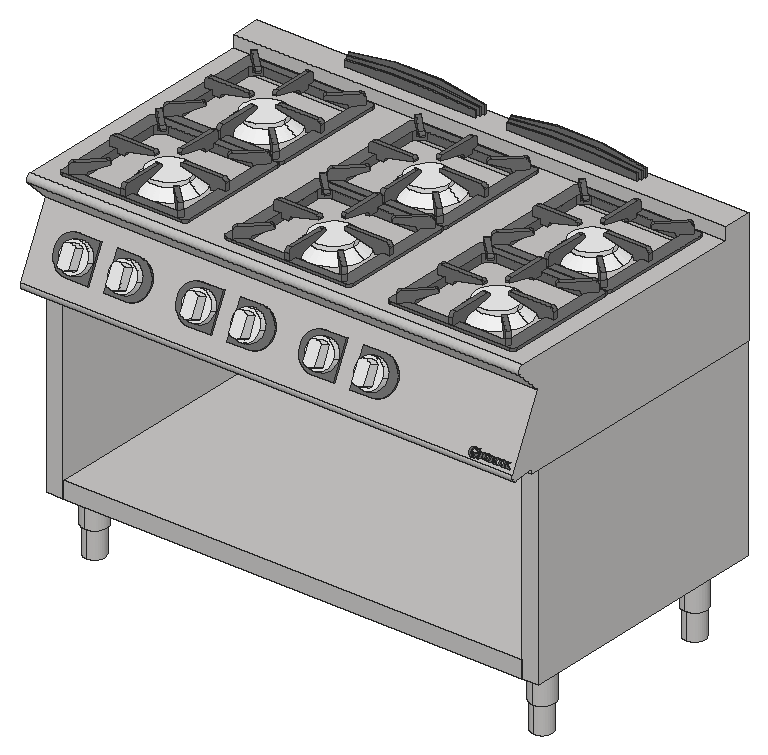
Revit family "QF_GIORIK_ECG760G", category Specialty Equipment, Revit 2014 (continued)
Lines and regions (mm)
  symbolic lines, style "200-EquipInternal-2D"
    curve 141: line (956, -35, 900) -> (956, -32, 900)
    curve 143: arc (475, -410, 900) -> (475.705, -404.735, 900) -> (477.771, -399.842, 900) r 20
    curve 144: line (605, -390, 900) -> (705, -390, 900)
    curve 145: line (475, -510, 900) -> (475, -410, 900)
    curve 146: arc (705, -390, 900) -> (710.264, -390.705, 900) -> (715.158, -392.771, 900) r 20
    curve 147: line (725, -520, 900) -> (725, -620, 900)
    curve 148: arc (725, -620, 900) -> (724.295, -625.264, 900) -> (722.229, -630.157, 900) r 20
    curve 149: line (595, -640, 900) -> (495, -640, 900)
    curve 150: arc (477.771, -630.157, 900) -> (475.705, -625.264, 900) -> (475, -620, 900) r 20
    curve 151: line (745, -370, 900) -> (455, -370, 900)
    curve 152: arc (755, -380, 900) -> (752.071, -372.929, 900) -> (745, -370, 900) r 10
    curve 153: line (755, -650, 900) -> (755, -380, 900)
    curve 154: arc (745, -370, 900) -> (752.071, -367.071, 900) -> (755, -360, 900) r 10
    curve 155: line (755, -360, 900) -> (755, -90, 900)
    curve 156: arc (745, -660, 900) -> (752.071, -657.071, 900) -> (755, -650, 900) r 10
    curve 157: line (455, -660, 900) -> (745, -660, 900)
    curve 158: arc (445, -650, 900) -> (447.929, -657.071, 900) -> (455, -660, 900) r 10
    curve 159: line (445, -380, 900) -> (445, -650, 900)
    curve 160: arc (445, -360, 900) -> (447.929, -367.071, 900) -> (455, -370, 900) r 10
    curve 161: arc (455, -370, 900) -> (447.929, -372.929, 900) -> (445, -380, 900) r 10
    curve 162: line (445, -90, 900) -> (445, -360, 900)
    curve 163: line (745, -80, 900) -> (455, -80, 900)
    curve 164: arc (455, -80, 900) -> (447.929, -82.929, 900) -> (445, -90, 900) r 10
    curve 165: arc (755, -90, 900) -> (752.071, -82.929, 900) -> (745, -80, 900) r 10
    curve 166: line (595, -374, 900) -> (605, -374, 900)
    curve 167: line (605, -374, 900) -> (605, -484, 900)
    curve 168: line (605, -484, 900) -> (595, -484, 900)
    curve 169: line (595, -484, 900) -> (595, -374, 900)
    curve 170: line (676.43, -431.499, 900) -> (732.999, -374.93, 900)
    curve 171: line (732.999, -374.93, 900) -> (740.07, -382.001, 900)
    curve 172: line (740.07, -382.001, 900) -> (683.501, -438.57, 900)
    curve 173: line (683.501, -438.57, 900) -> (676.43, -431.499, 900)
    curve 174: line (725, -410, 900) -> (725, -510, 900)
    curve 175: line (725, -510, 900) -> (741, -510, 900)
    curve 176: line (741, -510, 900) -> (741, -520, 900)
    curve 177: line (741, -520, 900) -> (631, -520, 900)
    curve 178: line (631, -520, 900) -> (631, -510, 900)
    curve 179: line (631, -510, 900) -> (725, -510, 900)
    curve 180: line (467.001, -374.93, 900) -> (459.93, -382.001, 900)
    curve 181: line (523.57, -431.499, 900) -> (467.001, -374.93, 900)
    curve 182: line (459.93, -382.001, 900) -> (516.499, -438.57, 900)
    curve 183: line (516.499, -438.57, 900) -> (523.57, -431.499, 900)
    curve 184: line (569, -510, 900) -> (459, -510, 900)
    curve 185: line (459, -520, 900) -> (569, -520, 900)
    curve 186: line (569, -520, 900) -> (569, -510, 900)
    curve 187: line (459, -510, 900) -> (459, -520, 900)
    curve 188: line (605, -546, 900) -> (595, -546, 900)
    curve 189: line (595, -546, 900) -> (595, -656, 900)
    curve 190: line (605, -656, 900) -> (605, -546, 900)
    curve 191: line (595, -656, 900) -> (605, -656, 900)
    curve 192: line (676.43, -598.501, 900) -> (732.999, -655.07, 900)
    curve 193: line (740.07, -647.999, 900) -> (683.501, -591.43, 900)
    curve 194: line (683.501, -591.43, 900) -> (676.43, -598.501, 900)
    curve 195: line (732.999, -655.07, 900) -> (740.07, -647.999, 900)
    curve 196: line (516.499, -591.43, 900) -> (459.93, -647.999, 900)
    curve 197: line (523.57, -598.501, 900) -> (516.499, -591.43, 900)
    curve 198: line (467.001, -655.07, 900) -> (523.57, -598.501, 900)
    curve 199: line (459.93, -647.999, 900) -> (467.001, -655.07, 900)
    curve 200: line (495, -390, 900) -> (595, -390, 900)
    curve 201: line (475, -520, 900) -> (475, -620, 900)
    curve 202: line (705, -640, 900) -> (605, -640, 900)
    curve 203: arc (705, -640, 900) -> (710.264, -639.295, 900) -> (715.158, -637.229, 900) r 20
    curve 204: arc (495, -640, 900) -> (489.736, -639.295, 900) -> (484.842, -637.229, 900) r 20
    curve 205: arc (725, -410, 900) -> (724.295, -404.736, 900) -> (722.229, -399.842, 900) r 20
    curve 206: arc (495, -390, 900) -> (489.736, -390.705, 900) -> (484.843, -392.771, 900) r 20
    curve 207: arc (475, -330, 900) -> (475.705, -335.264, 900) -> (477.771, -340.158, 900) r 20
    curve 208: line (605, -350, 900) -> (705, -350, 900)
    curve 209: line (475, -230, 900) -> (475, -330, 900)
    curve 210: arc (705, -350, 900) -> (710.264, -349.295, 900) -> (715.158, -347.229, 900) r 20
    curve 211: line (725, -220, 900) -> (725, -120, 900)
    curve 212: arc (725, -120, 900) -> (724.295, -114.736, 900) -> (722.229, -109.842, 900) r 20
    curve 213: line (595, -100, 900) -> (495, -100, 900)
    curve 214: arc (477.771, -109.842, 900) -> (475.705, -114.736, 900) -> (475, -120, 900) r 20
    curve 215: line (595, -366, 900) -> (605, -366, 900)
    curve 216: line (605, -366, 900) -> (605, -256, 900)
    curve 217: line (605, -256, 900) -> (595, -256, 900)
    curve 218: line (595, -256, 900) -> (595, -366, 900)
    curve 219: line (676.43, -308.501, 900) -> (732.999, -365.07, 900)
    curve 220: line (732.999, -365.07, 900) -> (740.07, -357.999, 900)
    curve 221: line (740.07, -357.999, 900) -> (683.501, -301.43, 900)
    curve 222: line (683.501, -301.43, 900) -> (676.43, -308.501, 900)
    curve 223: line (725, -330, 900) -> (725, -230, 900)
    curve 224: line (725, -230, 900) -> (741, -230, 900)
    curve 225: line (741, -230, 900) -> (741, -220, 900)
    curve 226: line (741, -220, 900) -> (631, -220, 900)
    curve 227: line (631, -220, 900) -> (631, -230, 900)
    curve 228: line (631, -230, 900) -> (725, -230, 900)
    curve 229: line (467.001, -365.07, 900) -> (459.93, -357.999, 900)
    curve 230: line (523.57, -308.501, 900) -> (467.001, -365.07, 900)
    curve 231: line (459.93, -357.999, 900) -> (516.499, -301.43, 900)
    curve 232: line (516.499, -301.43, 900) -> (523.57, -308.501, 900)
    curve 233: line (569, -230, 900) -> (459, -230, 900)
    curve 234: line (459, -220, 900) -> (569, -220, 900)
    curve 235: line (569, -220, 900) -> (569, -230, 900)
    curve 236: line (459, -230, 900) -> (459, -220, 900)
    curve 237: line (605, -194, 900) -> (595, -194, 900)
    curve 238: line (595, -194, 900) -> (595, -84, 900)
    curve 239: line (605, -84, 900) -> (605, -194, 900)
    curve 240: line (595, -84, 900) -> (605, -84, 900)
    curve 241: line (676.43, -141.499, 900) -> (732.999, -84.93, 900)
    curve 242: line (740.07, -92.001, 900) -> (683.501, -148.57, 900)
    curve 243: line (683.501, -148.57, 900) -> (676.43, -141.499, 900)
    curve 244: line (732.999, -84.93, 900) -> (740.07, -92.001, 900)
    curve 245: line (516.499, -148.57, 900) -> (459.93, -92.001, 900)
    curve 246: line (523.57, -141.499, 900) -> (516.499, -148.57, 900)
    curve 247: line (467.001, -84.93, 900) -> (523.57, -141.499, 900)
    curve 248: line (459.93, -92.001, 900) -> (467.001, -84.93, 900)
    curve 249: line (495, -350, 900) -> (595, -350, 900)
    curve 250: line (475, -220, 900) -> (475, -120, 900)
    curve 251: line (705, -100, 900) -> (605, -100, 900)
    curve 252: arc (705, -100, 900) -> (710.264, -100.705, 900) -> (715.158, -102.771, 900) r 20
    curve 253: arc (495, -100, 900) -> (489.736, -100.705, 900) -> (484.842, -102.771, 900) r 20
    curve 254: arc (725, -330, 900) -> (724.295, -335.264, 900) -> (722.229, -340.157, 900) r 20
    curve 255: arc (495, -350, 900) -> (489.736, -349.295, 900) -> (484.843, -347.229, 900) r 20
    curve 256: arc (875, -410, 900) -> (875.705, -404.735, 900) -> (877.771, -399.842, 900) r 20
    curve 257: line (1005, -390, 900) -> (1105, -390, 900)
    curve 258: line (875, -510, 900) -> (875, -410, 900)
    curve 259: arc (1105, -390, 900) -> (1110.264, -390.705, 900) -> (1115.158, -392.771, 900) r 20
    curve 260: line (1125, -520, 900) -> (1125, -620, 900)
    curve 261: arc (1125, -620, 900) -> (1124.295, -625.264, 900) -> (1122.229, -630.157, 900) r 20
    curve 262: line (995, -640, 900) -> (895, -640, 900)
    curve 263: arc (877.771, -630.157, 900) -> (875.705, -625.264, 900) -> (875, -620, 900) r 20
    curve 264: line (1145, -370, 900) -> (855, -370, 900)
    curve 265: arc (1155, -380, 900) -> (1152.071, -372.929, 900) -> (1145, -370, 900) r 10
    curve 266: line (1155, -650, 900) -> (1155, -380, 900)
    curve 267: arc (1145, -370, 900) -> (1152.071, -367.071, 900) -> (1155, -360, 900) r 10
    curve 268: line (1155, -360, 900) -> (1155, -90, 900)
    curve 269: arc (1145, -660, 900) -> (1152.071, -657.071, 900) -> (1155, -650, 900) r 10
    curve 270: line (855, -660, 900) -> (1145, -660, 900)
    curve 271: arc (845, -650, 900) -> (847.929, -657.071, 900) -> (855, -660, 900) r 10
    curve 272: line (845, -380, 900) -> (845, -650, 900)
    curve 273: arc (845, -360, 900) -> (847.929, -367.071, 900) -> (855, -370, 900) r 10
    curve 274: arc (855, -370, 900) -> (847.929, -372.929, 900) -> (845, -380, 900) r 10
    curve 275: line (845, -90, 900) -> (845, -360, 900)
    curve 276: line (1145, -80, 900) -> (855, -80, 900)
    curve 277: arc (855, -80, 900) -> (847.929, -82.929, 900) -> (845, -90, 900) r 10
    curve 278: arc (1155, -90, 900) -> (1152.071, -82.929, 900) -> (1145, -80, 900) r 10
    curve 279: line (995, -374, 900) -> (1005, -374, 900)
    curve 280: line (1005, -374, 900) -> (1005, -484, 900)
    curve 281: line (1005, -484, 900) -> (995, -484, 900)
    curve 282: line (995, -484, 900) -> (995, -374, 900)
    curve 283: line (1076.43, -431.499, 900) -> (1132.999, -374.93, 900)
    curve 284: line (1132.999, -374.93, 900) -> (1140.07, -382.001, 900)
    curve 285: line (1140.07, -382.001, 900) -> (1083.501, -438.57, 900)
    curve 286: line (1083.501, -438.57, 900) -> (1076.43, -431.499, 900)
    curve 287: line (1125, -410, 900) -> (1125, -510, 900)
    curve 288: line (1125, -510, 900) -> (1141, -510, 900)
    curve 289: line (1141, -510, 900) -> (1141, -520, 900)
    curve 290: line (1141, -520, 900) -> (1031, -520, 900)
    curve 291: line (1031, -520, 900) -> (1031, -510, 900)
    curve 292: line (1031, -510, 900) -> (1125, -510, 900)
    curve 293: line (867.001, -374.93, 900) -> (859.93, -382.001, 900)
    curve 294: line (923.57, -431.499, 900) -> (867.001, -374.93, 900)
    curve 295: line (859.93, -382.001, 900) -> (916.499, -438.57, 900)
    curve 296: line (916.499, -438.57, 900) -> (923.57, -431.499, 900)
    curve 297: line (969, -510, 900) -> (859, -510, 900)
    curve 298: line (859, -520, 900) -> (969, -520, 900)
    curve 299: line (969, -520, 900) -> (969, -510, 900)
    curve 300: line (859, -510, 900) -> (859, -520, 900)
    curve 301: line (1005, -546, 900) -> (995, -546, 900)
    curve 302: line (995, -546, 900) -> (995, -656, 900)
    curve 303: line (1005, -656, 900) -> (1005, -546, 900)
    curve 304: line (995, -656, 900) -> (1005, -656, 900)
    curve 305: line (1076.43, -598.501, 900) -> (1132.999, -655.07, 900)
    curve 306: line (1140.07, -647.999, 900) -> (1083.501, -591.43, 900)
    curve 307: line (1083.501, -591.43, 900) -> (1076.43, -598.501, 900)
    curve 308: line (1132.999, -655.07, 900) -> (1140.07, -647.999, 900)
    curve 309: line (916.499, -591.43, 900) -> (859.93, -647.999, 900)
    curve 310: line (923.57, -598.501, 900) -> (916.499, -591.43, 900)
    curve 311: line (867.001, -655.07, 900) -> (923.57, -598.501, 900)
    curve 312: line (859.93, -647.999, 900) -> (867.001, -655.07, 900)
    curve 313: line (895, -390, 900) -> (995, -390, 900)
    curve 314: line (875, -520, 900) -> (875, -620, 900)
    curve 315: line (1105, -640, 900) -> (1005, -640, 900)
    curve 316: arc (1105, -640, 900) -> (1110.264, -639.295, 900) -> (1115.158, -637.229, 900) r 20
    curve 317: arc (895, -640, 900) -> (889.736, -639.295, 900) -> (884.842, -637.229, 900) r 20
    curve 318: arc (1125, -410, 900) -> (1124.295, -404.736, 900) -> (1122.229, -399.842, 900) r 20
    curve 319: arc (895, -390, 900) -> (889.736, -390.705, 900) -> (884.843, -392.771, 900) r 20
    curve 320: arc (875, -330, 900) -> (875.705, -335.264, 900) -> (877.771, -340.158, 900) r 20
    curve 321: line (1005, -350, 900) -> (1105, -350, 900)
    curve 322: line (875, -230, 900) -> (875, -330, 900)
    curve 323: arc (1105, -350, 900) -> (1110.264, -349.295, 900) -> (1115.158, -347.229, 900) r 20
    curve 324: line (1125, -220, 900) -> (1125, -120, 900)
    curve 325: arc (1125, -120, 900) -> (1124.295, -114.736, 900) -> (1122.229, -109.842, 900) r 20
    curve 326: line (995, -100, 900) -> (895, -100, 900)
    curve 327: arc (877.771, -109.842, 900) -> (875.705, -114.736, 900) -> (875, -120, 900) r 20
    curve 328: line (995, -366, 900) -> (1005, -366, 900)
    curve 329: line (1005, -366, 900) -> (1005, -256, 900)
    curve 330: line (1005, -256, 900) -> (995, -256, 900)
    curve 331: line (995, -256, 900) -> (995, -366, 900)
    curve 332: line (1076.43, -308.501, 900) -> (1132.999, -365.07, 900)
    curve 333: line (1132.999, -365.07, 900) -> (1140.07, -357.999, 900)
    curve 334: line (1140.07, -357.999, 900) -> (1083.501, -301.43, 900)
    curve 335: line (1083.501, -301.43, 900) -> (1076.43, -308.501, 900)
    curve 336: line (1125, -330, 900) -> (1125, -230, 900)
    curve 337: line (1125, -230, 900) -> (1141, -230, 900)
    curve 338: line (1141, -230, 900) -> (1141, -220, 900)
    curve 339: line (1141, -220, 900) -> (1031, -220, 900)
    curve 340: line (1031, -220, 900) -> (1031, -230, 900)
    curve 341: line (1031, -230, 900) -> (1125, -230, 900)
    curve 342: line (867.001, -365.07, 900) -> (859.93, -357.999, 900)
    curve 343: line (923.57, -308.501, 900) -> (867.001, -365.07, 900)
    curve 344: line (859.93, -357.999, 900) -> (916.499, -301.43, 900)
    curve 345: line (916.499, -301.43, 900) -> (923.57, -308.501, 900)
    curve 346: line (969, -230, 900) -> (859, -230, 900)
    curve 347: line (859, -220, 900) -> (969, -220, 900)
    curve 348: line (969, -220, 900) -> (969, -230, 900)
    curve 349: line (859, -230, 900) -> (859, -220, 900)
    curve 350: line (1005, -194, 900) -> (995, -194, 900)
    curve 351: line (995, -194, 900) -> (995, -84, 900)
    curve 352: line (1005, -84, 900) -> (1005, -194, 900)
    curve 353: line (995, -84, 900) -> (1005, -84, 900)
    curve 354: line (1076.43, -141.499, 900) -> (1132.999, -84.93, 900)
    curve 355: line (1140.07, -92.001, 900) -> (1083.501, -148.57, 900)
    curve 356: line (1083.501, -148.57, 900) -> (1076.43, -141.499, 900)
    curve 357: line (1132.999, -84.93, 900) -> (1140.07, -92.001, 900)
    curve 358: line (916.499, -148.57, 900) -> (859.93, -92.001, 900)
    curve 359: line (923.57, -141.499, 900) -> (916.499, -148.57, 900)
    curve 360: line (867.001, -84.93, 900) -> (923.57, -141.499, 900)
    curve 361: line (859.93, -92.001, 900) -> (867.001, -84.93, 900)
    curve 362: line (895, -350, 900) -> (995, -350, 900)
    curve 363: line (875, -220, 900) -> (875, -120, 900)
    curve 364: line (1105, -100, 900) -> (1005, -100, 900)
    curve 365: arc (1105, -100, 900) -> (1110.264, -100.705, 900) -> (1115.158, -102.771, 900) r 20
    curve 366: arc (895, -100, 900) -> (889.736, -100.705, 900) -> (884.842, -102.771, 900) r 20
    curve 367: arc (1125, -330, 900) -> (1124.295, -335.264, 900) -> (1122.229, -340.157, 900) r 20
    curve 368: arc (895, -350, 900) -> (889.736, -349.295, 900) -> (884.843, -347.229, 900) r 20
    curve 369: arc (995, -274.749, 900) -> (964.645, -260.355, 900) -> (950.251, -230, 900) r 50
    curve 370: arc (995, -299.549, 900) -> (947.167, -277.833, 900) -> (925.451, -230, 900) r 74.717
    curve 371: arc (1005, -274.749, 900) -> (1035.355, -260.355, 900) -> (1049.749, -230, 900) r 50
    curve 372: arc (1005, -299.833, 900) -> (1053.033, -278.033, 900) -> (1074.833, -230, 900) r 75
    curve 373: arc (1005, -175.251, 900) -> (1035.355, -189.645, 900) -> (1049.749, -220, 900) r 50
    curve 374: arc (1005, -150.167, 900) -> (1053.033, -171.967, 900) -> (1074.833, -220, 900) r 75
    curve 375: arc (995, -175.251, 900) -> (964.645, -189.645, 900) -> (950.251, -220, 900) r 50
    curve 376: arc (925.167, -220, 900) -> (946.967, -171.967, 900) -> (995, -150.167, 900) r 75
    curve 377: arc (995, -465.251, 900) -> (964.645, -479.645, 900) -> (950.251, -510, 900) r 50
    curve 378: arc (995, -440.451, 900) -> (947.167, -462.167, 900) -> (925.451, -510, 900) r 74.717
    curve 379: arc (1005, -465.251, 900) -> (1035.355, -479.645, 900) -> (1049.749, -510, 900) r 50
    curve 380: arc (1005, -440.167, 900) -> (1053.033, -461.967, 900) -> (1074.833, -510, 900) r 75
    curve 381: arc (1005, -564.749, 900) -> (1035.355, -550.355, 900) -> (1049.749, -520, 900) r 50
    curve 382: arc (1005, -589.833, 900) -> (1053.033, -568.033, 900) -> (1074.833, -520, 900) r 75
    curve 383: arc (995, -564.749, 900) -> (964.645, -550.355, 900) -> (950.251, -520, 900) r 50
    curve 384: arc (925.167, -520, 900) -> (946.967, -568.033, 900) -> (995, -589.833, 900) r 75
    curve 385: arc (595, -274.749, 900) -> (564.645, -260.355, 900) -> (550.251, -230, 900) r 50
    curve 386: arc (595, -299.549, 900) -> (547.167, -277.833, 900) -> (525.451, -230, 900) r 74.717
    curve 387: arc (605, -274.749, 900) -> (635.355, -260.355, 900) -> (649.749, -230, 900) r 50
    curve 388: arc (605, -299.833, 900) -> (653.033, -278.033, 900) -> (674.833, -230, 900) r 75
    curve 389: arc (605, -175.251, 900) -> (635.355, -189.645, 900) -> (649.749, -220, 900) r 50
    curve 390: arc (605, -150.167, 900) -> (653.033, -171.967, 900) -> (674.833, -220, 900) r 75
    curve 391: arc (595, -175.251, 900) -> (564.645, -189.645, 900) -> (550.251, -220, 900) r 50
    curve 392: arc (525.167, -220, 900) -> (546.967, -171.967, 900) -> (595, -150.167, 900) r 75
    curve 393: arc (595, -465.251, 900) -> (564.645, -479.645, 900) -> (550.251, -510, 900) r 50
    curve 394: arc (595, -440.451, 900) -> (547.167, -462.167, 900) -> (525.451, -510, 900) r 74.717
    curve 395: arc (605, -465.251, 900) -> (635.355, -479.645, 900) -> (649.749, -510, 900) r 50
    curve 396: arc (605, -440.167, 900) -> (653.033, -461.967, 900) -> (674.833, -510, 900) r 75
    curve 397: arc (605, -564.749, 900) -> (635.355, -550.355, 900) -> (649.749, -520, 900) r 50
    curve 398: arc (605, -589.833, 900) -> (653.033, -568.033, 900) -> (674.833, -520, 900) r 75
    curve 399: arc (595, -564.749, 900) -> (564.645, -550.355, 900) -> (550.251, -520, 900) r 50
    curve 400: arc (525.167, -520, 900) -> (546.967, -568.033, 900) -> (595, -589.833, 900) r 75
    curve 401: arc (195, -274.749, 900) -> (164.645, -260.355, 900) -> (150.251, -230, 900) r 50
    curve 402: arc (195, -299.549, 900) -> (147.167, -277.833, 900) -> (125.451, -230, 900) r 74.717
    curve 403: arc (205, -274.749, 900) -> (235.355, -260.355, 900) -> (249.749, -230, 900) r 50
    curve 404: arc (205, -299.833, 900) -> (253.033, -278.033, 900) -> (274.833, -230, 900) r 75
    curve 405: arc (205, -175.251, 900) -> (235.355, -189.645, 900) -> (249.749, -220, 900) r 50
    curve 406: arc (205, -150.167, 900) -> (253.033, -171.967, 900) -> (274.833, -220, 900) r 75
    curve 407: arc (195, -175.251, 900) -> (164.645, -189.645, 900) -> (150.251, -220, 900) r 50
    curve 408: arc (125.167, -220, 900) -> (146.967, -171.967, 900) -> (195, -150.167, 900) r 75
    curve 409: arc (195, -465.251, 900) -> (164.645, -479.645, 900) -> (150.251, -510, 900) r 50
    curve 410: arc (195, -440.451, 900) -> (147.167, -462.167, 900) -> (125.451, -510, 900) r 74.717
    curve 411: arc (205, -465.251, 900) -> (235.355, -479.645, 900) -> (249.749, -510, 900) r 50
    curve 412: arc (205, -440.167, 900) -> (253.033, -461.967, 900) -> (274.833, -510, 900) r 75
    curve 413: arc (205, -564.749, 900) -> (235.355, -550.355, 900) -> (249.749, -520, 900) r 50
    curve 414: arc (205, -589.833, 900) -> (253.033, -568.033, 900) -> (274.833, -520, 900) r 75
    curve 415: arc (195, -564.749, 900) -> (164.645, -550.355, 900) -> (150.251, -520, 900) r 50
    curve 416: arc (125.167, -520, 900) -> (146.967, -568.033, 900) -> (195, -589.833, 900) r 75
Dimensions and locks
  plane 3 "Left" to plane 4 "Right" = 1200 mm
  plane 5 "Front" to plane 1 "Back" = 720 mm
  plane 4 "Right" to plane 3 "Left" = 1200 mm
  plane 1 "Back" to plane 5 "Front" = 720 mm
  plane 6 "Top" to level = 900 mm  (x2)
  aligned and locked: level to plane 2
Connectors
  piping at (50, -385, 130), diameter 25.4, driven by "Gas Size"
    settings: on Extrusion 8, index 3, connector inside diameter 24", connector length 0 mm, flow factor 0, pipe flow 0.0 L/s, pressure drop 0.0 Pa, fitting loss kfactor 0, connector angle 0.00°, fixture units 0, engagement length 0 mm, angle of deflection 0.00°, flow configuration 1, flow direction 1, fitting loss method 0, system type 22, joint type 0, gender type 0, connector reference index -1, connector utility 0, adjustable connector no, is connector primary yes, connector description "Gas Inlet"
